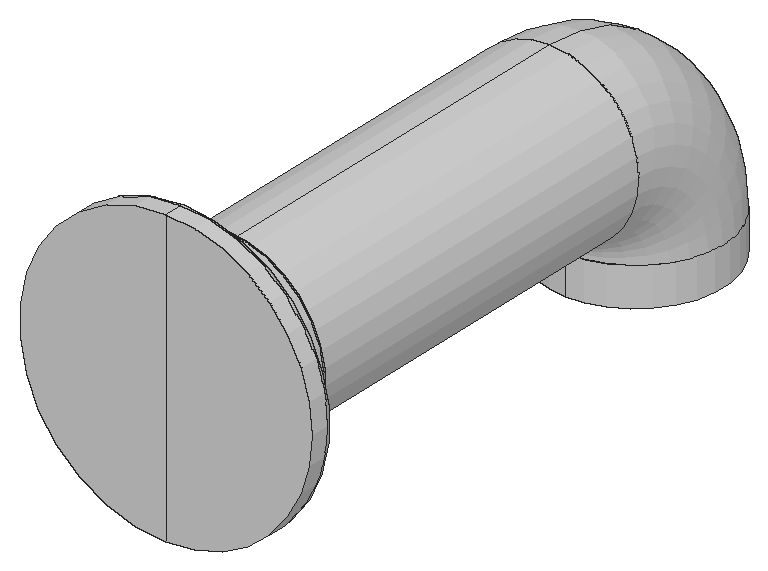
Revit family "S-4650", category Plumbing Equipment, host Wall, Revit 2023
Family settings
  Host = Wall
  Round Connector Dimension = Use Diameter
  Classification = None
  Part Type = Normal
  Always vertical = No
  Cut with Voids When Loaded = No
  Maintain Annotation Orientation = No
  Shared = No
  Room Calculation Point = No
Parameters
  Material = Steel
  Default Elevation = 0' - 0"
Reference planes (in)
  plane 1: y = 0
  plane 2 "Center (Left/Right)": x = 0
  plane 3 "Wall Edge": y = 3
  plane 4: z = 0
  plane 5: z = 0.75
  plane 6: z = -0.75
Forms (in)
  Revolve 1, solid, material "Steel" <- "Material", not visible
    sketch origin (0, 0, 0) x (0, 1, 0) y (0, 0, 1)
      loop
        line (-3.63197, 72.83642) -> (-3.63197, 72) -> (-3, 72) -> (-3, 73.25) -> (-3.15844, 73.25)
        arc (-3.15844, 73.25) -> (-3.18602, 73.24021) -> (-3.20127, 73.21522) r 0.04376
        arc (-3.20127, 73.21522) -> (-3.34528, 72.97009) -> (-3.60817, 72.86185) r 0.44582
        arc (-3.60817, 72.86185) -> (-3.62509, 72.85383) -> (-3.63197, 72.83642) r 0.02548
      axis (-3.63197, 72) -> (-3, 72)
    angle from 0 to 360
  Sweep 2, solid, material "Steel" <- "Material", not visible
    path origin (0, 0, 0) x (0, 1, 0) y (0, 0, 1)
      loop
        line (-3.33969, 72) -> (-7.08969, 72)
        arc (-7.08969, 72) -> (-7.73338, 71.73338) -> (-8, 71.08969) r 0.91031
        line (-8, 71.08969) -> (-8, 70.75789)
    profile origin (0, -5.21469, 72) x (0, 0, -1) y (1, 0, 0)
      loop
        circle (0, 0) r 0.75
      loop
        circle (0, 0) r 0.6875
  Extrusion 3, void, not visible
    sketch origin (0, 0, 0) x (0, -1, 0) y (0, 0, 1)
      loop
        line (3.68327, 71.22949) -> (4.45519, 71.22949)
        arc (4.45519, 71.22949) -> (4.34636, 71.26706) -> (4.23398, 71.29209) r 1.01785
        line (4.23398, 71.29209) -> (3.90448, 71.29209)
        arc (3.90448, 71.29209) -> (3.7921, 71.26706) -> (3.68327, 71.22949) r 1.01785
    from -6 to 6
Text (in)
  text "⌀" at (0, 7.56435, 1.65012), in view "Right"
Dimensions and locks (in)
  locked: plane 3 "Wall Edge" to host wall
  plane 6 to plane 5 = 0' - 1 1/2"
  nested 1 to nested 1 = 0' - 5 3/4"
  diameter of nested 1 = 0' - 2 1/2"
Nested families (in)
  nested 1: "AA" at (0.84389, 3, 0) x (1, 0, 0) z (0, 1, 0), type "AA"
Definition of nested family "AA"
  Parameters
    Material = none
    Default Elevation = 4' - 0"
  Reference planes (in)
    plane 1 "Center (Front/Back)": y = 0
    plane 2: z = 0
    plane 3 "Center (Left/Right)": x = 0
  Forms (in)
    Extrusion 1, solid
      sketch origin (0, 0, 0) x (1, 0, 0) y (0, 1, 0)
        loop
          line (-48, 48) -> (-48, -48) -> (48, -48) -> (48, 48) -> (-48, 48)
      from 0 to -12
    Revolve 2, solid, material <- "Material"
      sketch origin (-0.84389, -72, -3) x (0, 0, -1) y (0, 1, 0)
        loop
          line (-3.63197, 72.83642) -> (-3.63197, 72) -> (-3, 72) -> (-3, 73.25) -> (-3.15844, 73.25)
          arc (-3.15844, 73.25) -> (-3.18602, 73.24021) -> (-3.20127, 73.21522) r 0.04376
          arc (-3.20127, 73.21522) -> (-3.34528, 72.97009) -> (-3.60817, 72.86185) r 0.44582
          arc (-3.60817, 72.86185) -> (-3.62509, 72.85383) -> (-3.63197, 72.83642) r 0.02548
        axis (-3.63197, 72) -> (-3, 72)
      angle from 0 to 360
    Sweep 3, solid, material <- "Material"
      path origin (-0.84389, -72, -3) x (0, 0, -1) y (0, 1, 0)
        loop
          line (-3.33969, 72) -> (-7.08969, 72)
          arc (-7.08969, 72) -> (-7.73338, 71.73338) -> (-8, 71.08969) r 0.91031
          line (-8, 71.08969) -> (-8, 70.75789)
      profile origin (-0.84389, 0, 2.21469) x (0, -1, 0) y (1, 0, 0)
        loop
          circle (0, 0) r 0.75
        loop
          circle (0, 0) r 0.6875
    Extrusion 4, void
      sketch origin (-0.84389, -72, -3) x (0, 0, 1) y (0, 1, 0)
        loop
          arc (3.90448, 71.29209) -> (3.77463, 71.26194) -> (3.64984, 71.21509) r 1.01785
          line (3.64984, 71.21509) -> (3.64984, 70.86293) -> (4.52523, 70.86293) -> (4.52523, 71.19765)
          arc (4.52523, 71.19765) -> (4.38317, 71.25588) -> (4.23398, 71.29209) r 1.01785
          line (4.23398, 71.29209) -> (3.90448, 71.29209)
      from -3 to 3
  Cuts and joins
    Extrusion 4 cuts Sweep 3
  Dimensions and locks (in)
    locked: Sweep 3 sketch curve to Sweep 3 sketch curve at 4.66031
    locked: Extrusion 4 sketch curve to Extrusion 4 sketch curve at 0.87539
    aligned and locked: plane 2 to Extrusion 1
    aligned and locked: level to Extrusion 1
    aligned and locked: level to Revolve 2 sketch curve
